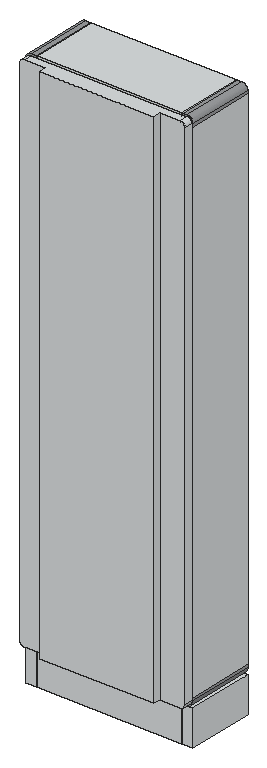
Revit family "Legrand XL³ 800 external cables sleeves", category Equipement électrique, Revit 2020
Family settings
  Configuration du panneau = Deux colonnes, circuits au sein
  Cote de connecteur circulaire = Utiliser le diamètre
  Type d'élément = Tableau de raccordement
  Numéro OmniClass = 23.80.30.11.17
  Titre OmniClass = Distribution Boards and Control Panels
  Basée sur le plan de construction = Non
  Toujours verticalement = Oui
  Couper avec des vides une fois chargée = Non
  Partagée = Non
  Point de calcul de pièce = Non
Parameters (values of type "020423-020433")
  built-in parameter 1140140 [instance] = 1 (stored number, unit not read)
  depth installation zone = 1330 mm
  Material corner = "Plastic"  # constant formula
  Material = "Steel"  # constant formula
  width installation zone = 2360 mm
  height installation zone = [height total (mm)]  # 1550 mm
  installation zone [instance] = yes
  URL = "https://www.legrand.fr/"
  depth (mm) = 230 mm
  General Conditions of Use = "https://export.legrand.com/en/terms-of-use-BIM-objects"
  Enclosures = not(Cabinets)  # yes
  Cabinets = no
  level installation zone = if(not(Enclosures), 5 mm, 0 mm)  # 0 mm
  level Cabinet = if(not(Enclosures), 0 mm, 100 mm)  # 100 mm
  Modèle = "XL³ 800"
  width (mm) = 460 mm
  IPK (kA) = "50"
  IN max (A) = "800"
  ICW (until) (kA) = "25"
  IP without door = "30"
  IP with door = "43"
  IK without door = "07"
  IK with door = "08"
  height total (mm) = 1550 mm
  height = if(not(Enclosures), [height total (mm)], [height total (mm)] - 100 mm)  # 1450 mm
  Finish = "Epoxipolyester paint deposited by electrostatic powder"
  Fabricant = "Legrand"  # constant formula
  RAL = "7035"
  Elévation par défaut = 0 mm
  built-in parameter 1140142 [instance] = -1
  built-in parameter 1155100 [instance] = -1
Types (3, lengths in mm): name | height installation zone | height total (mm) | height
  (no name) | 1950 | 1950 | 1850
  020423-020433 | 1550 | 1550 | 1450
  020424-020434 | 1950 | 1950 | 1850
Reference planes
  plane 1 "Centre (avant/arrière)": y = 0
  plane 2: z = 0
  plane 3 "Centre (gauche/droite)": x = 0
  plane 4: y = 115
  plane 5: y = -115
  plane 6: x = -230
  plane 7: x = 230
  plane 8: z = 1550
  plane 9: z = 825
  plane 10: x = -200
  plane 11: z = 1525
  plane 12: z = 1533.5
  plane 13: x = -213.5
  plane 14: z = 1545
  plane 15: z = 105
  plane 16: x = 225
  plane 17: x = -225
  plane 18: y = 114
  plane 19: y = -72
  plane 20: z = 1546
  plane 21: x = 226
  plane 22: z = 104
  plane 23: x = -226
  plane 24: x = 215
  plane 25: x = -205
  plane 26: x = -200
  plane 27: x = 200
  plane 28: y = -42
  plane 29: y = 84
  plane 30: z = 0
  plane 31 "Niveau coffret": z = 100
  plane 32: z = 117
  plane 33: x = -271
  plane 34: z = 125
  plane 35: x = -157
  plane 36: x = 157
  plane 37: y = -96
Forms (mm)
  Extrusion 1, solid, material "IDS_PLASTIQUE"
    sketch origin (0, 0, 0) x (1, 0, 0) y (0, 0, 1)
      loop
        line (-230, 1525) -> (-200, 1525) -> (-200, 1550) -> (-213.5, 1550)
        arc (-213.5, 1550) -> (-225.167, 1545.167) -> (-230, 1533.5) r 16.5
        line (-230, 1533.5) -> (-230, 1525)
      loop
        line (230, 1525) -> (230, 1533.5)
        arc (230, 1533.5) -> (225.167, 1545.167) -> (213.5, 1550) r 16.5
        line (213.5, 1550) -> (200, 1550) -> (200, 1525) -> (230, 1525)
      loop
        line (-230, 125) -> (-230, 116.5)
        arc (-230, 116.5) -> (-225.167, 104.833) -> (-213.5, 100) r 16.5
        line (-213.5, 100) -> (-200, 100) -> (-200, 125) -> (-230, 125)
      loop
        line (230, 125) -> (200, 125) -> (200, 100) -> (213.5, 100)
        arc (213.5, 100) -> (225.167, 104.833) -> (230, 116.5) r 16.5
        line (230, 116.5) -> (230, 125)
    from -115 to 72
  Extrusion 2, solid, material "IDS_ACIER"
    sketch origin (0, 0, 0) x (1, 0, 0) y (0, 0, 1)
      loop
        line (-200, 1550) -> (-200, 1525) -> (200, 1525) -> (200, 1550) -> (-200, 1550)
      loop
        line (-200, 100) -> (200, 100) -> (200, 125) -> (-200, 125) -> (-200, 100)
    from -115 to 72
  Extrusion 3, solid, material "IDS_ACIER"
    sketch origin (0, 0, 0) x (1, 0, 0) y (0, 0, 1)
      loop
        line (-230, 1525) -> (-230, 125) -> (-200, 125) -> (-200, 1525) -> (-230, 1525)
      loop
        line (230, 1525) -> (200, 1525) -> (200, 125) -> (230, 125) -> (230, 1525)
    from -115 to 72
  Extrusion 4, solid, material "IDS_ACIER"
    sketch origin (0, 0, 0) x (1, 0, 0) y (0, 0, 1)
      loop
        line (-225, 1545) -> (-225, 105) -> (225, 105) -> (225, 1545) -> (-225, 1545)
    from -115 to -114
  Extrusion 5, solid, material "IDS_ACIER"
    sketch origin (0, 0, 0) x (1, 0, 0) y (0, 0, 1)
      loop
        line (-226, 1533.5) -> (-226, 116.5)
        arc (-226, 116.5) -> (-222.339, 107.661) -> (-213.5, 104) r 12.5
        line (-213.5, 104) -> (213.5, 104)
        arc (213.5, 104) -> (222.339, 107.661) -> (226, 116.5) r 12.5
        line (226, 116.5) -> (226, 1533.5)
        arc (226, 1533.5) -> (222.339, 1542.339) -> (213.5, 1546) r 12.5
        line (213.5, 1546) -> (-213.5, 1546)
        arc (-213.5, 1546) -> (-222.339, 1542.339) -> (-226, 1533.5) r 12.5
    from 72 to 96
  Extrusion 6, solid, material "IDS_ACIER", visible <- "Enclosures"
    sketch origin (0, 0, 0) x (1, 0, 0) y (0, 1, 0)
      loop
        line (-230, 114) -> (-230, -72) -> (-200, -72) -> (-200, 114) -> (-230, 114)
      loop
        line (230, 114) -> (200, 114) -> (200, -72) -> (230, -72) -> (230, 114)
    from 0 to 100
  Extrusion 7, solid, material "IDS_ACIER", visible <- "Enclosures"
    sketch origin (0, 0, 0) x (1, 0, 0) y (0, 1, 0)
      loop
        line (-200, -42) -> (-200, -72) -> (200, -72) -> (200, -42) -> (-200, -42)
      loop
        line (-200, 114) -> (-200, 84) -> (200, 84) -> (200, 114) -> (-200, 114)
    from 0 to 100
  Extrusion 8, solid, material "IDS_ACIER"
    sketch origin (0, 0, 0) x (1, 0, 0) y (0, 1, 0)
      loop
        line (-157, -96) -> (-157, -115) -> (157, -115) -> (157, -96) -> (-157, -96)
    from 104 to 1546
Cuts and joins
  joined: Extrusion 2, Extrusion 3, Extrusion 4
  joined: Extrusion 5, Extrusion 8
Dimensions and locks
  equal spacing: plane 6, plane 3 "Centre (gauche/droite)", plane 7
  equal spacing: plane 4, plane 1 "Centre (avant/arrière)", plane 5
  "width (mm)": plane 6 to plane 7
  "depth (mm)": plane 4 to plane 5
  locked: plane 10 to plane 6 at 30
  locked: plane 8 to plane 11 at 25
  locked: plane 13 to plane 6 at 16.5
  locked: plane 8 to plane 12 at 16.5
  locked: plane 8 to plane 14 at 5
  locked: plane 17 to plane 6 at 5
  locked: plane 7 to plane 16 at 5
  locked: plane 18 to plane 4 at 1
  locked: plane 5 to plane 19 at 43
  locked: plane 7 to plane 21 at 4
  equal spacing: plane 21, plane 3 "Centre (gauche/droite)", plane 23
  locked: plane 7 to plane 24 at 15
  locked: plane 25 to plane 6 at 25
  locked: plane 6 to plane 26 at 30
  equal spacing: plane 26, plane 3 "Centre (gauche/droite)", plane 27
  locked: plane 28 to plane 19 at 30
  locked: plane 18 to plane 29 at 30
  "level installation zone": plane 30 to plane 2
  "level Cabinet": plane 31 "Niveau coffret" to plane 2
  "height": plane 8 to plane 31 "Niveau coffret"
  locked: plane 22 to plane 31 "Niveau coffret" at 4
  equal spacing: plane 8, plane 9, plane 31 "Niveau coffret"
  equal spacing: plane 20, plane 9, plane 22
  locked: plane 15 to plane 31 "Niveau coffret" at 5
  locked: plane 34 to plane 31 "Niveau coffret" at 25
  locked: plane 32 to plane 31 "Niveau coffret" at 17
  locked: plane 6 to plane 35 at 73
  locked: plane 5 to plane 37 at 19
  locked: plane 36 to plane 7 at 73
  aligned and locked: level to plane 2
  aligned and locked: plane 11 to Extrusion 1 sketch curve
  aligned and locked: Extrusion 1 sketch curve to plane 10
  aligned and locked: plane 6 to Extrusion 1 sketch curve
  aligned and locked: plane 4 to Extrusion 1
  aligned and locked: Extrusion 2 sketch curve to plane 8
  aligned and locked: Extrusion 2 sketch curve to Extrusion 1  (x3)
  aligned and locked: plane 4 to Extrusion 2
  aligned and locked: plane 6 to Extrusion 3 sketch curve
  aligned and locked: Extrusion 3 sketch curve to Extrusion 1  (x2)
  aligned and locked: plane 4 to Extrusion 3
  aligned and locked: Extrusion 4 sketch curve to plane 14
  aligned and locked: plane 17 to Extrusion 4 sketch curve
  aligned and locked: plane 15 to Extrusion 4 sketch curve
  aligned and locked: Extrusion 4 sketch curve to plane 16
  aligned and locked: plane 4 to Extrusion 4
  aligned and locked: Extrusion 1 to plane 19
  aligned and locked: Extrusion 1 to Extrusion 3
  aligned and locked: Extrusion 2 to Extrusion 1
  aligned and locked: Extrusion 5 sketch curve to plane 20
  aligned and locked: plane 23 to Extrusion 5 sketch curve
  aligned and locked: plane 22 to Extrusion 5 sketch curve
  aligned and locked: Extrusion 5 sketch curve to plane 21
  aligned and locked: plane 19 to Extrusion 5
  aligned and locked: cut or joined group of Extrusion 2, Extrusion 3, Extrusion 4 to plane 18
  aligned and locked: plane 19 to Extrusion 6 sketch curve
  aligned and locked: Extrusion 6 sketch curve to plane 26
  aligned and locked: plane 6 to Extrusion 6 sketch curve
  aligned and locked: plane 7 to Extrusion 6 sketch curve
  aligned and locked: Extrusion 6 sketch curve to plane 27
  aligned and locked: Extrusion 6 sketch curve to plane 19
  aligned and locked: plane 18 to Extrusion 6 sketch curve
  aligned and locked: Extrusion 6 sketch curve to plane 18
  aligned and locked: plane 19 to Extrusion 7 sketch curve
  aligned and locked: Extrusion 7 sketch curve to plane 28
  aligned and locked: plane 29 to Extrusion 7 sketch curve
  aligned and locked: Extrusion 7 sketch curve to plane 18
  aligned and locked: Extrusion 7 sketch curve to cut or joined group of Extrusion 2, Extrusion 3, Extrusion 4  (x4)
  aligned and locked: cut or joined group of Extrusion 2, Extrusion 3, Extrusion 4 to Extrusion 3 sketch curve
  aligned and locked: plane 34 to Extrusion 1 sketch curve
  aligned and locked: plane 10 to Extrusion 1 sketch curve
  aligned and locked: Extrusion 1 sketch curve to plane 31 "Niveau coffret"
  aligned and locked: Extrusion 1 sketch curve to plane 6
  aligned and locked: Extrusion 1 sketch curve to plane 13
  aligned and locked: plane 31 "Niveau coffret" to Extrusion 7
  aligned and locked: plane 31 "Niveau coffret" to Extrusion 6
  aligned and locked: Extrusion 7 to plane 30
  aligned and locked: Extrusion 6 to plane 30
  aligned and locked: plane 35 to Extrusion 8 sketch curve
  aligned and locked: Extrusion 8 sketch curve to plane 36
  aligned and locked: Extrusion 5 to plane 37
  aligned and locked: Extrusion 8 sketch curve to plane 37
  aligned and locked: Extrusion 8 sketch curve to plane 5
  aligned and locked: Extrusion 5 to Extrusion 8  (x2)
Automatic sketch dimensions
  plane 6 to Extrusion 5 sketch curve = 16.5 mm
  Extrusion 5 sketch curve to Extrusion 5 sketch curve = 12.5 mm
  Extrusion 5 sketch curve to plane 7 = 16.5 mm  (x2)
  Extrusion 1 sketch curve to plane 8 = 0 mm  (x2)
  Extrusion 1 sketch curve to plane 13 = 0 mm
  Extrusion 1 sketch curve to plane 34 = 0 mm
  Extrusion 1 sketch curve to plane 31 "Niveau coffret" = 0 mm
  Extrusion 1 sketch curve to plane 11 = 0 mm
  Extrusion 1 sketch curve to plane 12 = 0 mm
  Extrusion 1 sketch curve to plane 7 = 0 mm  (x2)
  Extrusion 1 sketch curve to Extrusion 1 sketch curve = 13.5 mm
  Extrusion 1 sketch curve to plane 24 = 15 mm
  plane 32 to Extrusion 1 sketch curve = 0.5 mm
  Extrusion 2 sketch curve to plane 31 "Niveau coffret" = 0 mm
  plane 25 to Extrusion 2 sketch curve = 5 mm
  Extrusion 2 sketch curve to plane 24 = 15 mm
  plane 31 "Niveau coffret" to Extrusion 2 sketch curve = 25 mm
  Extrusion 3 sketch curve to plane 7 = 0 mm
  Extrusion 3 sketch curve to plane 24 = 15 mm
  plane 31 "Niveau coffret" to Extrusion 3 sketch curve = 25 mm  (x2)
  Extrusion 3 sketch curve to plane 8 = 25 mm
Connectors
  electrical at (0, 115, 825)
    settings: on cut or joined group of Extrusion 2, Extrusion 3, Extrusion 4, index 1, voltage 0 V, apparent load 0 VA, apparent load phase1 0 VA, apparent load phase2 0 VA, apparent load phase3 0 VA, power factor 1, load classification "Autre", number of poles 1, system type 31, power factor state 1, is connector primary yes, connector utility no, sub classification motor no, connector description ""
